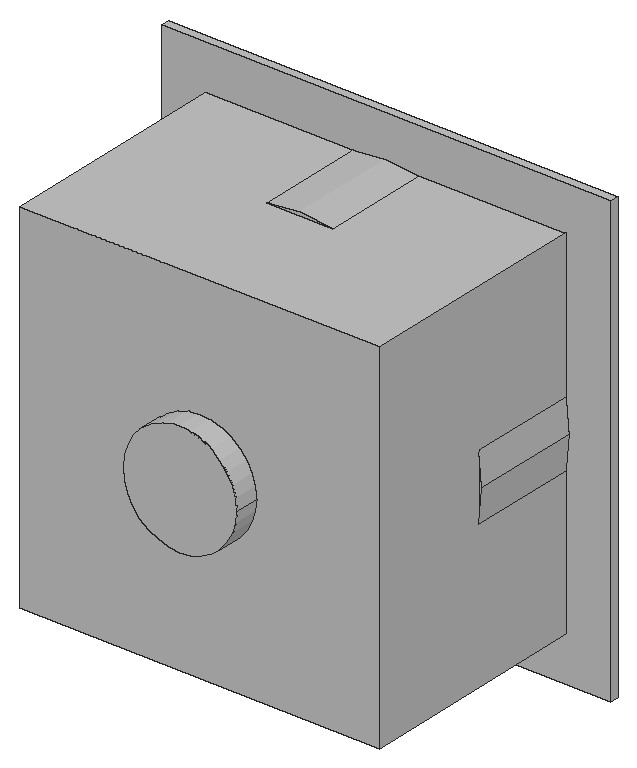
Revit family "ewf_ewg-40_60eta2_fta2-hq_50Hz", category 機械設備, Revit 2019
Family settings
  丸型コネクタ寸法 = 直径を使用
  パーツ タイプ = 標準
  OmniClass 番号 = 23.75.35.21.17
  OmniClass タイトル = Industrial Ventilating Equipment
  作業面ベース = いいえ
  常に垂直 = はい
  ロード時にボイドで切り取り = はい
  共有 = いいえ
  部屋計算ポイント = はい
Parameters (values of type "EWF-40ETA2-HQ_200V")
  騒音レベル(dB(A)) [instance] = 55.5
  風量 [instance] = 設計風量  # 0.0 m³/h
  電源種別 [instance] = ""
  電圧 = 200 V
  電動機出力 = 400 W
  電動機_種別 [instance] = ""
  運転質量 = 0.00 kg
  連動 [instance] = ""
  質量 = if(製品質量 > 運転質量, 製品質量, 運転質量) * 1.2  # 20.04 kg
  負荷分類 = 3_ファン類
  説明 = "産業用有圧換気扇 低騒音形 耐熱タイプ 給気専用"
  設計風量 [instance] = 0.0 m³/h
  設置方法 = "壁付"
  記号 [instance] = ""
  製造元 = "三菱電機株式会社"
  製品質量 = 16.70 kg
  製品出荷対象 = "国内"
  製品リリース年月 = "2022年6月1日"
  製品グループ = ""
  羽根径 = "∅400"
  レグ_Depth = 279.4 mm
  系統 [instance] = ""
  符号 [instance] = if(☑給気／□排気, "FS", "FE")  # "FS"
  積算_科目 = ""
  積算_拾い区分 [instance] = ""
  相 = 3
  盤記号 [instance] = ""
  盤工事区分 = ""
  発停方法 [instance] = ""
  特殊仕様 [instance] = ""
  火災停止 [instance] = ""
  消費電力 = 215 W
  法定耐用年数 = "15"
  極数 = 3
  極 = 4
  材質 [instance] = ""
  操作・制御方式 = ""
  操作・制御スイッチ = ""
  排気量 [instance] = if(☑給気／□排気, 0.0 m³/h, 設計風量)  # 0.0 m³/h
  形式 = ""
  幹線記号 [instance] = ""
  対象室 [instance] = ""
  実風量 [instance] = 0.0 m³/h
  始動方式 [instance] = "直入"
  外気量 [instance] = if(☑給気／□排気, 設計風量, 0.0 m³/h)  # 0.0 m³/h
  呼称 = "有圧扇"
  周波数 = 50 Hz
  参照している仕様書等のバージョン = ""
  分類コード = "50052503100110"
  分類グループ = ""
  価格 = 203000
  企業コード = "108420"
  付属品_防振装置 = ""
  付属品 [instance] = ""
  仕様書バージョン = "Version1.0"
  レグ_Width = 416 mm
  レグ_Height = 416 mm
  モーター径 = 131 mm
  モデル = "EWF-40ETA2-HQ"
  フレームの厚さ = 10 mm
  ファンの種類 = "軸流羽根"
  コメント [instance] = ""
  Keynote = ""
  オリフィス_Depth = 135 mm
  ☑給気／□排気 [instance] = yes
  Width = 520 mm
  Version = ""
  Uniclass2015Version = "Systems v1.9"
  Uniclass2015Title = "Propeller fans"
  Uniclass2015Code = "Pr_65_67_29_67"
  URL = "https://www.mitsubishielectric.co.jp/ldg/wink/ssl/displayProduct.do?pid=319053"
  SpecificationReference = ""
  SpecificationDescription = ""
  Revision = ""
  ProductInformation = ""
  OmniClassCode = "23-33 31 19 11 17"
  MIN風量 = 0.0 m³/h
  MID風量 = 0.0 m³/h
  MAX風量 = 4800.0 m³/h
  IfcTypeProduct = ""
  IfcProduct = ""
  IfcExportType = "TUBEAXIAL"
  IfcExportAs = "IfcFanType"
  Height = 520 mm
  オリフィス径 = 423 mm
  Depth = 308 mm
  Author = "三菱電機株式会社"
Types (6, lengths in mm): name | 騒音レベル(dB(A)) | 電圧 | 電動機出力 | 質量 | 製品質量 | 羽根径 | レグ_Depth | 消費電力 | 極 | 価格 | レグ_Width | レグ_Height | モーター径 | モデル | オリフィス_Depth | Width | URL | MAX風量 | Height | オリフィス径 | Depth
  EWF-40ETA2-HQ_200V | 55.5 | 200 V | 400 W | 20.04 kg | 16.70 kg | "∅400" | 279.4 | 215 W | 4 | 203000 | 416 | 416 | 131 | "EWF-40ETA2-HQ" | 135 | 520 | "https://www.mitsubishielectric.co.jp/ldg/wink/ssl/displayProduct.do?pid=319053" | 4800.0 m³/h | 520 | 423 | 308
  EWF-50FTA2-HQ_200V | 58 | 200 V | 750 W | 30.36 kg | 25.30 kg | "∅500" | 242 | 300 W | 4 | 255000 | 516 | 516 | 200 | "EWF-50FTA2-HQ" | 155 | 620 | "https://www.mitsubishielectric.co.jp/ldg/wink/ssl/displayProduct.do?pid=319064" | 6900.0 m³/h | 620 | 528 | 327
  EWG-60FTA2-HQ_200V | 55.5 | 200 V | 750 W | 34.92 kg | 29.10 kg | "∅600" | 290 | 385 W | 6 | 316000 | 606 | 606 | 200 | "EWG-60FTA2-HQ" | 175 | 709 | "https://www.mitsubishielectric.co.jp/ldg/wink/ssl/displayProduct.do?pid=318823" | 9420.0 m³/h | 709 | 624 | 375
  EWF-40ETA2-HQ_220V | 55.5 | 220 V | 400 W | 20.04 kg | 16.70 kg | "∅400" | 279.4 | 230 W | 4 | 203000 | 416 | 416 | 131 | "EWF-40ETA2-HQ" | 135 | 520 | "https://www.mitsubishielectric.co.jp/ldg/wink/ssl/displayProduct.do?pid=319053" | 4800.0 m³/h | 520 | 423 | 308
  EWF-50FTA2-HQ_220V | 60 | 220 V | 750 W | 30.36 kg | 25.30 kg | "∅500" | 242 | 320 W | 4 | 255000 | 516 | 516 | 200 | "EWF-50FTA2-HQ" | 155 | 620 | "https://www.mitsubishielectric.co.jp/ldg/wink/ssl/displayProduct.do?pid=319064" | 6900.0 m³/h | 620 | 528 | 327
  EWG-60FTA2-HQ_220V | 55.5 | 220 V | 750 W | 34.92 kg | 29.10 kg | "∅600" | 290 | 400 W | 6 | 316000 | 606 | 606 | 200 | "EWG-60FTA2-HQ" | 175 | 709 | "https://www.mitsubishielectric.co.jp/ldg/wink/ssl/displayProduct.do?pid=318823" | 9420.0 m³/h | 709 | 624 | 375
Reference planes
  plane 1 "中心(正面/背面)": y = 0
  plane 2: z = 0
  plane 3 "中心(左/右)": x = 0
  plane 4: z = 0
  plane 5: through (212.832, -1524, 243.759) normal (-0.6508, 0, -0.7593)
  plane 6: through (-212.884, -1524, -243.751) normal (0.6508, 0, 0.7593)
  plane 7: through (208.307, -1524, -247.63) normal (-0.6508, 0, 0.7593)
  plane 8: z = 260
  plane 9: z = -260
  plane 10 "左": x = -260
  plane 11 "右": x = 260
  plane 12 "正面": y = -308
  plane 13: y = -10
  plane 14: through (-208.307, -1524, -247.63) normal (-0.6508, 0, -0.7593)
  plane 15: y = -58
  plane 16: y = 42
  plane 17: x = -250
  plane 18: x = 250
  plane 19: y = -135
  plane 20: y = -279.4
  plane 21: x = -208
  plane 22: x = 208
  plane 23: z = 208
  plane 24: z = -208
Forms (mm)
  Extrusion 1, solid, detail levels fine
    sketch origin (0, 0, 0) x (1, 0, 0) y (0, 1, 0)
      loop
        line (-260, 0) -> (-260, -10) -> (260, -10) -> (260, 0) -> (-260, 0)
    from -260 to 260
  Extrusion 2, solid, detail levels fine
    sketch origin (140, -23.659, 0) x (-1, 0, 0) y (0, 0, -1)
      loop
        circle (140, 0) r 65.5
    from 255.741 to 284.341
  Extrusion 3, solid
    sketch origin (0, -153.783, 0) x (1, 0, 0) y (0, 0, 1)
      loop
        circle (0, 0) r 211.5
    from -143.783 to -18.783
  Extrusion 4, solid
    sketch origin (0, 0, 0) x (1, 0, 0) y (0, 0, 1)
      loop
        line (-208, 208) -> (-208, -208) -> (208, -208) -> (208, 208) -> (-208, 208)
    from 10 to 279.4
Cuts and joins
  joined: Extrusion 3, Extrusion 4
Lines and regions (mm)
  Masking region 1, detail levels coarse+medium
    outline origin (0, 0, 0) x (1, 0, 0) y (0, 1, 0)
      loop
        line (-250, -308) -> (250, -308) -> (250, -58) -> (-250, -58) -> (-250, -308)
  Masking region 2, detail levels coarse+medium
    outline origin (0, 0, 0) x (1, 0, 0) y (0, 1, 0)
      loop
        line (-224, -58) -> (224, -58) -> (224, 42) -> (-224, 42) -> (-224, -58)
  symbolic lines, detail levels coarse+medium
    curve 1: circle (224, -295.4, 0) r 115 normal (0, 0, 1)
    curve 2: circle (-224, -295.4, 0) r 115 normal (0, 0, -1)
Dimensions and locks
  level to plane 4 = 0 mm
  equal spacing: plane 8, level, plane 9
  "Depth": plane 12 "正面" to plane 1 "中心(正面/背面)"  (x2)
  "Width": plane 10 "左" to plane 11 "右"
  "Height": plane 8 to plane 9
  "フレームの厚さ": plane 13 to plane 1 "中心(正面/背面)"
  plane 12 "正面" to plane 15 to plane 16 = 250 mm locked, 100 mm locked
  locked: plane 17 to plane 18 at 500
  "オリフィス_Depth": plane 1 "中心(正面/背面)" to plane 19
  "レグ_Depth": plane 1 "中心(正面/背面)" to plane 20
  equal spacing: plane 10 "左", plane 3 "中心(左/右)", plane 11 "右"
  equal spacing: plane 22, plane 3 "中心(左/右)", plane 21
  "レグ_Width": plane 22 to plane 21
  equal spacing: plane 23, level, plane 24
  "レグ_Height": plane 23 to plane 24
  "オリフィス径": diameter of Extrusion 3 sketch curve
  "モーター径": diameter of Extrusion 2 sketch curve
  aligned and locked: level to plane 2
  aligned and locked: Extrusion 1 to plane 8
  aligned and locked: plane 10 "左" to Extrusion 1
  aligned and locked: Extrusion 1 to plane 11 "右"
  aligned and locked: plane 9 to Extrusion 1
  aligned and locked: Extrusion 1 to plane 13
  aligned and locked: Extrusion 1 to plane 1 "中心(正面/背面)"  (x5)
  aligned and locked: plane 12 "正面" to Extrusion 2
  aligned and locked: plane 1 "中心(正面/背面)" to Extrusion 1  (x2)
  aligned and locked: plane 4 to Extrusion 2 sketch curve
  aligned and locked: plane 12 "正面" to Masking region 1 sketch curve
  aligned and locked: plane 17 to Masking region 1 sketch curve
  aligned and locked: plane 15 to Masking region 1 sketch curve
  aligned and locked: plane 18 to Masking region 1 sketch curve
  aligned and locked: Masking region 2 sketch curve to plane 15
  aligned and locked: plane 16 to Masking region 2 sketch curve
  aligned and locked: Extrusion 3 to Extrusion 1
  aligned and locked: Extrusion 3 to plane 19
  aligned and locked: plane 20 to Extrusion 2
  aligned and locked: Extrusion 4 to Extrusion 2
  aligned and locked: Extrusion 4 to Extrusion 1
  aligned and locked: Extrusion 4 to plane 21
  aligned and locked: plane 23 to Extrusion 4
  aligned and locked: plane 22 to Extrusion 4
  aligned and locked: Extrusion 4 to plane 24
Automatic sketch dimensions
  Extrusion 1 sketch curve to plane 10 "左" = 0 mm
  Extrusion 1 sketch curve to plane 11 "右" = 0 mm
  Extrusion 1 sketch curve to plane 13 = 0 mm
  plane 1 "中心(正面/背面)" to Extrusion 1 sketch curve = 0 mm
  Extrusion 3 sketch curve to level = 0 mm
  Extrusion 3 sketch curve to plane 3 "中心(左/右)" = 0 mm
  curve 2 to plane 20 = 16 mm
  curve 1 to plane 20 = 16 mm
  curve 2 to plane 10 "左" = 36 mm
  Masking region 2 sketch curve to plane 10 "左" = 36 mm
  plane 11 "右" to curve 1 = 36 mm
  plane 11 "右" to Masking region 2 sketch curve = 36 mm
  Extrusion 2 sketch curve to plane 3 "中心(左/右)" = 0 mm
  Extrusion 4 sketch curve to plane 21 = 0 mm
  plane 22 to Extrusion 4 sketch curve = 0 mm
  Extrusion 4 sketch curve to plane 24 = 0 mm
  plane 23 to Extrusion 4 sketch curve = 0 mm
  radius of curve 1 = 115 mm
  radius of curve 2 = 115 mm
Connectors
  electrical at (260, -5, 0), driven by "電圧", driven by "負荷分類", driven by "消費電力", driven by "極数"
    settings: on Extrusion 1, index 2, voltage 200 V, apparent load 215 VA, apparent load phase1 0 VA, apparent load phase2 0 VA, apparent load phase3 0 VA, power factor 1, load classification "3_ファン類", number of poles 3, system type 30, power factor state 1, is connector primary yes, connector utility no, sub classification motor no, connector description ""
